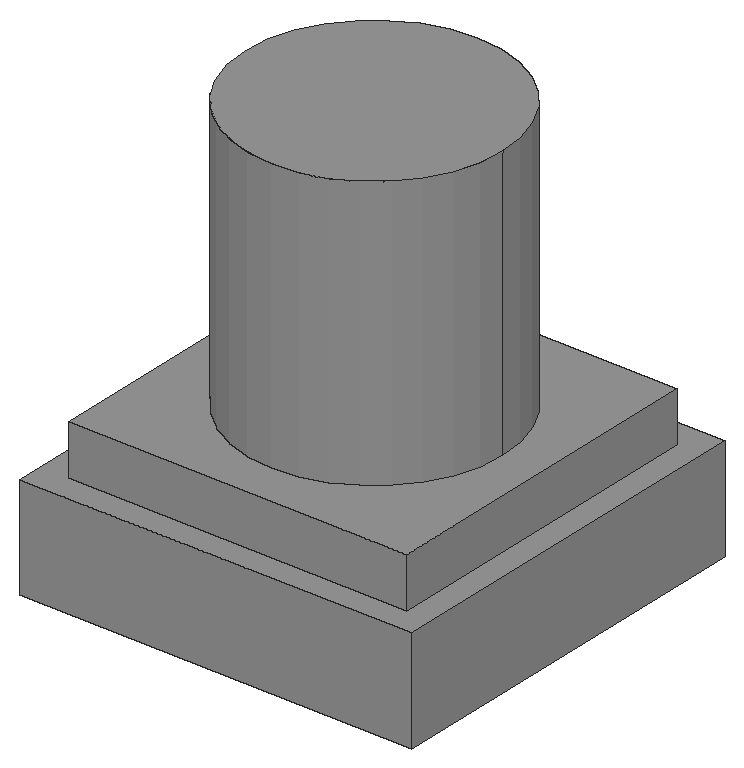
Revit family "VASARI 3 Square Wall Wash 02", category Lighting Fixtures, host Ceiling, Revit 2017
Family settings
  Host = Ceiling
  Round Connector Dimension = Use Diameter
  Part Type = Normal
  OmniClass Number = 23.80.70.11
  OmniClass Title = Luminaries for Internal Lighting
  Always vertical = Yes
  Cut with Voids When Loaded = No
  Light Source = Yes
  Shared = No
  Room Calculation Point = No
Parameters (values of type "50P")
  Wattage = 9.2903 W
  built-in parameter 1150110 = 1 (stored number, unit not read)
  built-in parameter 1114217 = 1 (stored number, unit not read)
  Tilt Angle = 90.00°
  built-in parameter 1150109 = 1 (stored number, unit not read)
  built-in parameter 1150134 = (empty or 0)
  built-in parameter 1150113 = 1 (stored number, unit not read)
  Photometric Web File = "ELR50P 35D.IES"
  Lumens = 1380 lm
  built-in parameter 1150115 = 1 (stored number, unit not read)
  built-in parameter 1150105 = 109.82 (stored number, unit not read)
  built-in parameter 1150137 = (empty or 0)
  built-in parameter 1150139 = (empty or 0)
  built-in parameter 1150112 = 1 (stored number, unit not read)
  built-in parameter 1150114 = 1 (stored number, unit not read)
  built-in parameter 1150132 = 2
  built-in parameter 1150102 = (empty or 0)
  built-in parameter 1150138 = (empty or 0)
  built-in parameter 1150107 = 3000 (stored number, unit not read)
  built-in parameter 1150106 = 1.0982 (stored number, unit not read)
  built-in parameter 1150104 = 13.8 (stored number, unit not read)
  Dimming Lamp Color Temperature Shift = <None>
  Color Filter = 16777215
  built-in parameter 1114218 = 1 (stored number, unit not read)
  built-in parameter 1150133 = 10 (stored number, unit not read)
Types (2): name
  Type 1
  50P
Reference planes
  plane 1 "Light Source Axis (F/B)": y = 0
  plane 2: z = 0
  plane 3 "Light Source Axis (L/R)": x = 0
  plane 4 "Ceiling": z = 4000
  plane 5 "Light Source Elevation": z = 3998.297
  plane 6 "Right": x = 49.985
  plane 7 "Top": y = 50.5
  plane 8 "Left": x = -51.015
  plane 9: y = -50.5
  plane 10: z = 4108.297
Forms (mm)
  Extrusion 1, solid, material "ELR Plastic, Opaque White"
    sketch origin (-0.515, 0, 4000) x (0, 1, 0) y (-1, 0, 0)
      loop
        line (50.5, 50.5) -> (-50.5, 50.5) -> (-50.5, -50.5) -> (50.5, -50.5) -> (50.5, 50.5)
      loop
        line (43.227, 43.228) -> (-44, 43.228) -> (-44, -44) -> (43.227, -44) -> (43.227, 43.228)
    from -1.703 to 25
  Extrusion 2, solid, material "ELR Plastic, Opaque White"
    sketch origin (-0.515, 0, 4000) x (0, 1, 0) y (-1, 0, 0)
      loop
        line (43.227, 43.228) -> (-44, 43.228) -> (-44, -44) -> (43.227, -44) -> (43.227, 43.228)
      loop
        circle (0, -0.515) r 33.228
    from 25 to 38
  Extrusion 3, solid, material "ELR Plastic, Opaque White"
    sketch origin (0.213, 0, 4000) x (0, 1, 0) y (-1, 0, 0)
      loop
        circle (0, 0.213) r 33.228
    from 38 to 108.297
  Extrusion 4, solid, material "ELR Light Emissive"
    sketch origin (0, 0, 4000) x (0, 1, 0) y (-1, 0, 0)
      loop
        line (43.228, -43.485) -> (43.228, 43.742) -> (-44, 43.742) -> (-44, -43.485) -> (43.228, -43.485)
    from 2 to 4
Lines and regions (mm)
  Opening 1
    outline origin (0, 0, 4000) x (1, 0, 0) y (0, 1, 0)
      loop
        line (-42.874, 42.874) -> (-42.874, -42.874) -> (42.874, -42.874) -> (42.874, 42.874) -> (-42.874, 42.874)
  Opening 2
    outline origin (-0.515, 0, 4000) x (1, 0, 0) y (0, 1, 0)
      loop
        line (-42.874, 42.874) -> (-42.874, -42.874) -> (42.874, -42.874) -> (42.874, 42.874) -> (-42.874, 42.874)
Dimensions and locks
  equal spacing: host sketch curve, plane 3 "Light Source Axis (L/R)", host sketch curve
  equal spacing: host sketch curve, plane 1 "Light Source Axis (F/B)", host sketch curve
  host sketch curve to host sketch curve = 4000 mm  (x2)
  plane 4 "Ceiling" to host ceiling = 0 mm
  plane 8 "Left" to plane 6 "Right" = 101 mm
  plane 9 to plane 7 "Top" = 101 mm
  imposter light to plane 10 = 110 mm
  Extrusion 1 to Extrusion 1 = 101 mm
  aligned and locked: plane 3 "Light Source Axis (L/R)" to imposter light
  aligned and locked: plane 1 "Light Source Axis (F/B)" to imposter light
  aligned and locked: plane 5 "Light Source Elevation" to imposter light
  aligned and locked: plane 10 to Extrusion 3
